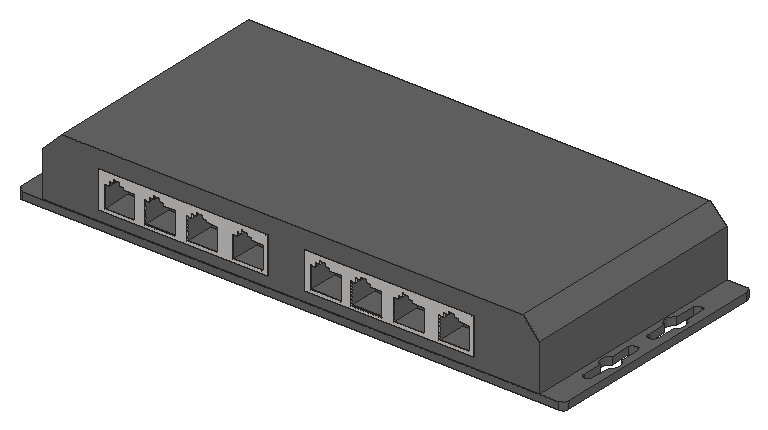
Revit family "NX_PoE_Switch", category Communication Devices, host Face, Revit 2021
Family settings
  Host = Face
  Maintain Annotation Orientation = No
  Round Connector Dimension = Use Diameter
  Part Type = Normal
  OmniClass Number = 23.85.80.11.27
  OmniClass Title = Lighting Controls
  Cut with Voids When Loaded = No
  Shared = Yes
  Room Calculation Point = No
Parameters
  Warranty = "5-Years Warranty"  # constant formula
  Voltage = "24V"
  Type Comments = "NX POE SWITCH/POWER INJECTOR"  # constant formula
  Connectivity = "Cat5 Pins 4, 5, 6, 7 and 8"  # constant formula
  Product Page URL = ""
  Product Documentation Link = ""
  URL = "https://www.currentlighting.com/nxlightingcontrols"
  Model = "NXPOE"  # constant formula
  Manufacturer = " NX Lighting Controls"  # constant formula
  Washer = Metal-Galvanized_Steel
  Features = "NX network accessory that provides for splitting the  network\r\nfrom the NXAC into multiple segments\r\n• 24V power is provided to the unit via a five amp computer style plug-in\r\npower supply\r\n• Provides seven powered RJ45 ports for connection of NX network devices\r\n• Multiple dimming options including DMX to less than 0.1%\r\n• Limit of 64 NXHNB2 Network Bridge modules per segment ENERGY STAR®\r\ncertified configurations\r\n• Expands the capacity of the NXAC to 448 bridges suitable for large\r\ncommercial and architectural interiors"  # constant formula
  Description = "NX network accessory that provides for splitting the  network\r\nfrom the NXAC into multiple segments"  # constant formula
  Default Elevation = 48.00"
  Create Date = ""
  Copyright = "Copyright ©  NX Lighting Controls"  # constant formula
  Contact Us = ""
  Housing Material = Paint -  Carbon Black
  Assembly Code = "D5090"
Reference planes (in)
  plane 1 "Center (Front/Back)": y = 13.01342
  plane 2: z = 0
  plane 3 "Center (Left/Right)": x = 0
  plane 4: x = -3.82
  plane 5: x = 3.82
  plane 6: x = 3.63
  plane 7: x = -3.63
  plane 8: y = 11.38342
  plane 9: y = 14.64342
Forms (in)
  Extrusion 1, solid, material "Paint -  Carbon Black" <- "Housing Material"
    sketch origin (0, 0, 0) x (1, 0, 0) y (0, 1, 0)
      loop
        arc (-3.75074, 14.64342) -> (-3.79972, 14.62313) -> (-3.82, 14.57416) r 0.06926
        line (-3.82, 14.57416) -> (-3.82, 11.46646)
        arc (-3.82, 11.46646) -> (-3.79568, 11.40774) -> (-3.73696, 11.38342) r 0.08304
        line (-3.73696, 11.38342) -> (3.74369, 11.38342)
        arc (3.74369, 11.38342) -> (3.79765, 11.40577) -> (3.82, 11.45973) r 0.07631
        line (3.82, 11.45973) -> (3.82, 14.55419)
        arc (3.82, 14.55419) -> (3.79386, 14.61728) -> (3.73077, 14.64342) r 0.08923
        line (3.73077, 14.64342) -> (-3.75074, 14.64342)
      loop
        arc (-3.70425, 13.65161) -> (-3.77031, 13.53842) -> (-3.70425, 13.42523) r 0.13
        line (-3.70425, 13.42523) -> (-3.70425, 13.15255)
        arc (-3.70425, 13.15255) -> (-3.63889, 13.08719) -> (-3.57353, 13.15255) r 0.06536
        line (-3.57353, 13.15255) -> (-3.57353, 13.42404)
        arc (-3.57353, 13.42404) -> (-3.50531, 13.53842) -> (-3.57353, 13.6528) r 0.13
        line (-3.57353, 13.6528) -> (-3.57353, 13.9243)
        arc (-3.57353, 13.9243) -> (-3.63889, 13.98966) -> (-3.70425, 13.9243) r 0.06536
        line (-3.70425, 13.9243) -> (-3.70425, 13.65161)
      loop
        line (-3.70425, 12.2971) -> (-3.70425, 12.02442)
        arc (-3.70425, 12.02442) -> (-3.63889, 11.95906) -> (-3.57353, 12.02442) r 0.06536
        line (-3.57353, 12.02442) -> (-3.57353, 12.29591)
        arc (-3.57353, 12.29591) -> (-3.50531, 12.41029) -> (-3.57353, 12.52467) r 0.13
        line (-3.57353, 12.52467) -> (-3.57353, 12.79616)
        arc (-3.57353, 12.79616) -> (-3.63889, 12.86152) -> (-3.70425, 12.79616) r 0.06536
        line (-3.70425, 12.79616) -> (-3.70425, 12.52348)
        arc (-3.70425, 12.52348) -> (-3.77031, 12.41029) -> (-3.70425, 12.2971) r 0.13
      loop
        line (3.70425, 13.65161) -> (3.70425, 13.9243)
        arc (3.70425, 13.9243) -> (3.63889, 13.98966) -> (3.57353, 13.9243) r 0.06536
        line (3.57353, 13.9243) -> (3.57353, 13.6528)
        arc (3.57353, 13.6528) -> (3.50531, 13.53842) -> (3.57353, 13.42404) r 0.13
        line (3.57353, 13.42404) -> (3.57353, 13.15255)
        arc (3.57353, 13.15255) -> (3.63889, 13.08719) -> (3.70425, 13.15255) r 0.06536
        line (3.70425, 13.15255) -> (3.70425, 13.42523)
        arc (3.70425, 13.42523) -> (3.77031, 13.53842) -> (3.70425, 13.65161) r 0.13
      loop
        arc (3.70425, 12.2971) -> (3.77031, 12.41029) -> (3.70425, 12.52348) r 0.13
        line (3.70425, 12.52348) -> (3.70425, 12.79616)
        arc (3.70425, 12.79616) -> (3.63889, 12.86152) -> (3.57353, 12.79616) r 0.06536
        line (3.57353, 12.79616) -> (3.57353, 12.52467)
        arc (3.57353, 12.52467) -> (3.50531, 12.41029) -> (3.57353, 12.29591) r 0.13
        line (3.57353, 12.29591) -> (3.57353, 12.02442)
        arc (3.57353, 12.02442) -> (3.63889, 11.95906) -> (3.70425, 12.02442) r 0.06536
        line (3.70425, 12.02442) -> (3.70425, 12.2971)
    from 0 to 0.1
  Extrusion 2, solid, material "Paint -  Carbon Black" <- "Housing Material"
    sketch origin (0, 13.01342, 0) x (1, 0, 0) y (0, 0, 1)
      loop
        line (-3.45959, 0.1) -> (3.47379, 0.1) -> (3.47379, 0.75656) -> (3.23036, 1) -> (-3.19167, 1) -> (-3.45959, 0.73208) -> (-3.45959, 0.1)
    from -1.63 to 1.63
  Extrusion 3, void
    sketch origin (0, 13.01342, 0) x (1, 0, 0) y (0, 0, 1)
      loop
        line (-2.59511, 0.28922) -> (-2.16462, 0.28922) -> (-2.16462, 0.62175) -> (-2.32393, 0.62175) -> (-2.32393, 0.65648) -> (-2.37986, 0.65648) -> (-2.37986, 0.69553) -> (-2.46372, 0.69553) -> (-2.46372, 0.65648) -> (-2.52624, 0.65648) -> (-2.52624, 0.60117) -> (-2.59511, 0.60117) -> (-2.59511, 0.28922)
      loop
        line (-2.03217, 0.28922) -> (-1.60168, 0.28922) -> (-1.60168, 0.62175) -> (-1.76099, 0.62175) -> (-1.76099, 0.65648) -> (-1.81692, 0.65648) -> (-1.81692, 0.69553) -> (-1.90078, 0.69553) -> (-1.90078, 0.65648) -> (-1.96331, 0.65648) -> (-1.96331, 0.60117) -> (-2.03217, 0.60117) -> (-2.03217, 0.28922)
      loop
        line (-1.43984, 0.28922) -> (-1.00935, 0.28922) -> (-1.00935, 0.62175) -> (-1.16866, 0.62175) -> (-1.16866, 0.65648) -> (-1.22459, 0.65648) -> (-1.22459, 0.69553) -> (-1.30845, 0.69553) -> (-1.30845, 0.65648) -> (-1.37097, 0.65648) -> (-1.37097, 0.60117) -> (-1.43984, 0.60117) -> (-1.43984, 0.28922)
      loop
        line (-0.80571, 0.28922) -> (-0.37522, 0.28922) -> (-0.37522, 0.62175) -> (-0.53453, 0.62175) -> (-0.53453, 0.65648) -> (-0.59046, 0.65648) -> (-0.59046, 0.69553) -> (-0.67432, 0.69553) -> (-0.67432, 0.65648) -> (-0.73684, 0.65648) -> (-0.73684, 0.60117) -> (-0.80571, 0.60117) -> (-0.80571, 0.28922)
      loop
        line (0.28295, 0.28922) -> (0.71344, 0.28922) -> (0.71344, 0.62175) -> (0.55413, 0.62175) -> (0.55413, 0.65648) -> (0.4982, 0.65648) -> (0.4982, 0.69553) -> (0.41434, 0.69553) -> (0.41434, 0.65648) -> (0.35181, 0.65648) -> (0.35181, 0.60117) -> (0.28295, 0.60117) -> (0.28295, 0.28922)
      loop
        line (0.84589, 0.28922) -> (1.27638, 0.28922) -> (1.27638, 0.62175) -> (1.11707, 0.62175) -> (1.11707, 0.65648) -> (1.06113, 0.65648) -> (1.06113, 0.69553) -> (0.97728, 0.69553) -> (0.97728, 0.65648) -> (0.91475, 0.65648) -> (0.91475, 0.60117) -> (0.84589, 0.60117) -> (0.84589, 0.28922)
      loop
        line (1.43822, 0.28922) -> (1.86871, 0.28922) -> (1.86871, 0.62175) -> (1.7094, 0.62175) -> (1.7094, 0.65648) -> (1.65346, 0.65648) -> (1.65346, 0.69553) -> (1.56961, 0.69553) -> (1.56961, 0.65648) -> (1.50708, 0.65648) -> (1.50708, 0.60117) -> (1.43822, 0.60117) -> (1.43822, 0.28922)
      loop
        line (2.07235, 0.28922) -> (2.50284, 0.28922) -> (2.50284, 0.62175) -> (2.34353, 0.62175) -> (2.34353, 0.65648) -> (2.2876, 0.65648) -> (2.2876, 0.69553) -> (2.20374, 0.69553) -> (2.20374, 0.65648) -> (2.14121, 0.65648) -> (2.14121, 0.60117) -> (2.07235, 0.60117) -> (2.07235, 0.28922)
    from 1.22629 to 1.63
  Extrusion 4, void
    sketch origin (0, 0, 0) x (0, -1, 0) y (0, 0, 1)
      loop
        arc (-13.2232, 0.26842) -> (-13.19421, 0.23943) -> (-13.16522, 0.26842) r 0.02899
        line (-13.16522, 0.26842) -> (-13.16522, 0.51842)
        arc (-13.16522, 0.51842) -> (-13.19421, 0.54741) -> (-13.2232, 0.51842) r 0.02899
        line (-13.2232, 0.51842) -> (-13.2232, 0.26842)
      loop
        arc (-13.4028, 0.26842) -> (-13.37381, 0.23943) -> (-13.34482, 0.26842) r 0.02899
        line (-13.34482, 0.26842) -> (-13.34482, 0.51842)
        arc (-13.34482, 0.51842) -> (-13.37381, 0.54741) -> (-13.4028, 0.51842) r 0.02899
        line (-13.4028, 0.51842) -> (-13.4028, 0.26842)
      loop
        arc (-13.58058, 0.26842) -> (-13.55159, 0.23943) -> (-13.5226, 0.26842) r 0.02899
        line (-13.5226, 0.26842) -> (-13.5226, 0.51842)
        arc (-13.5226, 0.51842) -> (-13.55159, 0.54741) -> (-13.58058, 0.51842) r 0.02899
        line (-13.58058, 0.51842) -> (-13.58058, 0.26842)
      loop
        arc (-13.04359, 0.26842) -> (-13.0146, 0.23943) -> (-12.98562, 0.26842) r 0.02899
        line (-12.98562, 0.26842) -> (-12.98562, 0.51842)
        arc (-12.98562, 0.51842) -> (-13.0146, 0.54741) -> (-13.04359, 0.51842) r 0.02899
        line (-13.04359, 0.51842) -> (-13.04359, 0.26842)
      loop
        line (-12.80364, 0.26842) -> (-12.80364, 0.51842)
        arc (-12.80364, 0.51842) -> (-12.83263, 0.54741) -> (-12.86162, 0.51842) r 0.02899
        line (-12.86162, 0.51842) -> (-12.86162, 0.26842)
        arc (-12.86162, 0.26842) -> (-12.83263, 0.23943) -> (-12.80364, 0.26842) r 0.02899
      loop
        line (-12.62404, 0.26842) -> (-12.62404, 0.51842)
        arc (-12.62404, 0.51842) -> (-12.65303, 0.54741) -> (-12.68202, 0.51842) r 0.02899
        line (-12.68202, 0.51842) -> (-12.68202, 0.26842)
        arc (-12.68202, 0.26842) -> (-12.65303, 0.23943) -> (-12.62404, 0.26842) r 0.02899
      loop
        line (-12.44626, 0.26842) -> (-12.44626, 0.51842)
        arc (-12.44626, 0.51842) -> (-12.47525, 0.54741) -> (-12.50424, 0.51842) r 0.02899
        line (-12.50424, 0.51842) -> (-12.50424, 0.26842)
        arc (-12.50424, 0.26842) -> (-12.47525, 0.23943) -> (-12.44626, 0.26842) r 0.02899
    from 3.19167 to 3.45959
  Extrusion 5, solid, material "Metal-Galvanized_Steel" <- "Washer"
    sketch origin (0, 13.01342, 0) x (1, 0, 0) y (0, 0, 1)
      loop
        line (-2.67141, 0.24304) -> (-0.32167, 0.24304) -> (-0.32167, 0.75867) -> (-2.67141, 0.75867) -> (-2.67141, 0.24304)
      loop
        line (-2.16462, 0.62175) -> (-2.32393, 0.62175) -> (-2.32393, 0.65648) -> (-2.37986, 0.65648) -> (-2.37986, 0.69553) -> (-2.46372, 0.69553) -> (-2.46372, 0.65648) -> (-2.52624, 0.65648) -> (-2.52624, 0.60117) -> (-2.59511, 0.60117) -> (-2.59511, 0.28922) -> (-2.16462, 0.28922) -> (-2.16462, 0.62175)
      loop
        line (-2.03217, 0.28922) -> (-1.60168, 0.28922) -> (-1.60168, 0.62175) -> (-1.76099, 0.62175) -> (-1.76099, 0.65648) -> (-1.81692, 0.65648) -> (-1.81692, 0.69553) -> (-1.90078, 0.69553) -> (-1.90078, 0.65648) -> (-1.96331, 0.65648) -> (-1.96331, 0.60117) -> (-2.03217, 0.60117) -> (-2.03217, 0.28922)
      loop
        line (-1.43984, 0.28922) -> (-1.00935, 0.28922) -> (-1.00935, 0.62175) -> (-1.16866, 0.62175) -> (-1.16866, 0.65648) -> (-1.22459, 0.65648) -> (-1.22459, 0.69553) -> (-1.30845, 0.69553) -> (-1.30845, 0.65648) -> (-1.37097, 0.65648) -> (-1.37097, 0.60117) -> (-1.43984, 0.60117) -> (-1.43984, 0.28922)
      loop
        line (-0.80571, 0.28922) -> (-0.37522, 0.28922) -> (-0.37522, 0.62175) -> (-0.53453, 0.62175) -> (-0.53453, 0.65648) -> (-0.59046, 0.65648) -> (-0.59046, 0.69553) -> (-0.67432, 0.69553) -> (-0.67432, 0.65648) -> (-0.73684, 0.65648) -> (-0.73684, 0.60117) -> (-0.80571, 0.60117) -> (-0.80571, 0.28922)
      loop
        line (0.20664, 0.24304) -> (2.55639, 0.24304) -> (2.55639, 0.75867) -> (0.20664, 0.75867) -> (0.20664, 0.24304)
      loop
        line (0.71344, 0.62175) -> (0.55413, 0.62175) -> (0.55413, 0.65648) -> (0.4982, 0.65648) -> (0.4982, 0.69553) -> (0.41434, 0.69553) -> (0.41434, 0.65648) -> (0.35181, 0.65648) -> (0.35181, 0.60117) -> (0.28295, 0.60117) -> (0.28295, 0.28922) -> (0.71344, 0.28922) -> (0.71344, 0.62175)
      loop
        line (0.84589, 0.28922) -> (1.27638, 0.28922) -> (1.27638, 0.62175) -> (1.11707, 0.62175) -> (1.11707, 0.65648) -> (1.06113, 0.65648) -> (1.06113, 0.69553) -> (0.97728, 0.69553) -> (0.97728, 0.65648) -> (0.91475, 0.65648) -> (0.91475, 0.60117) -> (0.84589, 0.60117) -> (0.84589, 0.28922)
      loop
        line (1.43822, 0.28922) -> (1.86871, 0.28922) -> (1.86871, 0.62175) -> (1.7094, 0.62175) -> (1.7094, 0.65648) -> (1.65346, 0.65648) -> (1.65346, 0.69553) -> (1.56961, 0.69553) -> (1.56961, 0.65648) -> (1.50708, 0.65648) -> (1.50708, 0.60117) -> (1.43822, 0.60117) -> (1.43822, 0.28922)
      loop
        line (2.07235, 0.28922) -> (2.50284, 0.28922) -> (2.50284, 0.62175) -> (2.34353, 0.62175) -> (2.34353, 0.65648) -> (2.2876, 0.65648) -> (2.2876, 0.69553) -> (2.20374, 0.69553) -> (2.20374, 0.65648) -> (2.14121, 0.65648) -> (2.14121, 0.60117) -> (2.07235, 0.60117) -> (2.07235, 0.28922)
    from 1.63 to 1.64
Cuts and joins
  Extrusion 3, Extrusion 4 cuts Extrusion 2
Dimensions and locks (in)
  aligned and locked: plane 2 to host face
  aligned and locked: level to host face
  aligned and locked: plane 8 to Extrusion 2
  aligned and locked: Extrusion 2 to plane 9
Connectors (in)
  electrical at (0.01934, 13.01342, 1)
    settings: on cut or joined group of Extrusion 2, Extrusion 3, Extrusion 4, index 1, voltage 0 V, apparent load 0 VA, apparent load phase1 0 VA, apparent load phase2 0 VA, apparent load phase3 0 VA, power factor 1, load classification "Other", number of poles 1, system type 14, power factor state 1, is connector primary yes, connector utility no, sub classification motor no, connector description "NX POE Switch"
